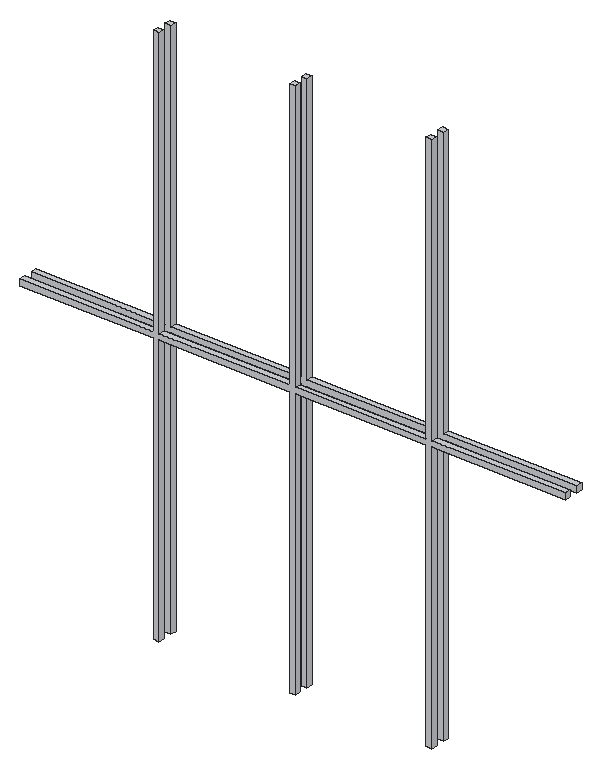
Revit family "M_Padrão do montante_4x2", category Modelos genéricos, Revit 2019
Family settings
  Pode hospedar o vergalhão = Não
  Cota do conector redondo = Utilizar diâmetro
  Tipo de parte = Normal
  Com base no plano de trabalho = Não
  Sempre na vertical = Sim
  Corte com vazios quando carregada = Não
  Compartilhado = Sim
  Ponto de cálculo do ambiente = Não
Parameters
  Largura [instance] = 1200 mm
  Espessura = 12.7 mm
  Altura [instance] = 1200 mm
  Material interior [instance] = none
  Material externo [instance] = none
  Distância = 19.05 mm
Reference planes
  plane 1 "Centro (Frente/Trás)": y = 0
  plane 2: z = 0
  plane 3 "Centro (Esquerda/Direita)": x = 0
  plane 4: z = 1200
  plane 5: x = -600
  plane 6: x = 600
  plane 7 "a": y = 9.525
  plane 8 "b": y = -9.525
  plane 9: x = -6.35
  plane 10: x = 6.35
  plane 11: x = -300
  plane 12: x = 300
  plane 13: x = -306.35
  plane 14: x = -293.65
  plane 15: x = 293.65
  plane 16: x = 306.35
  plane 17: y = 22.225
  plane 18: y = -22.225
  plane 19: z = 600
  plane 20: z = 606.35
  plane 21: z = 593.65
Forms (mm)
  Extrusion 1, solid, material <- "Material externo", detail levels fine
    sketch origin (0, 9.525, 0) x (-1, 0, 0) y (0, 0, 1)
      loop
        line (306.35, 1200) -> (293.65, 1200) -> (293.65, 606.35) -> (6.35, 606.35) -> (6.35, 1200) -> (-6.35, 1200) -> (-6.35, 606.35) -> (-293.65, 606.35) -> (-293.65, 1200) -> (-306.35, 1200) -> (-306.35, 606.35) -> (-600, 606.35) -> (-600, 593.65) -> (-306.35, 593.65) -> (-306.35, 0) -> (-293.65, 0) -> (-293.65, 593.65) -> (-6.35, 593.65) -> (-6.35, 0) -> (6.35, 0) -> (6.35, 593.65) -> (293.65, 593.65) -> (293.65, 0) -> (306.35, 0) -> (306.35, 593.65) -> (600, 593.65) -> (600, 606.35) -> (306.35, 606.35) -> (306.35, 1200)
    from 0 to 12.7
  Extrusion 2, solid, material <- "Material interior", detail levels fine
    sketch origin (0, -9.525, 0) x (-1, 0, 0) y (0, 0, 1)
      loop
        line (306.35, 1200) -> (293.65, 1200) -> (293.65, 606.35) -> (6.35, 606.35) -> (6.35, 1200) -> (-6.35, 1200) -> (-6.35, 606.35) -> (-293.65, 606.35) -> (-293.65, 1200) -> (-306.35, 1200) -> (-306.35, 606.35) -> (-600, 606.35) -> (-600, 593.65) -> (-306.35, 593.65) -> (-306.35, 0) -> (-293.65, 0) -> (-293.65, 593.65) -> (-6.35, 593.65) -> (-6.35, 0) -> (6.35, 0) -> (6.35, 593.65) -> (293.65, 593.65) -> (293.65, 0) -> (306.35, 0) -> (306.35, 593.65) -> (600, 593.65) -> (600, 606.35) -> (306.35, 606.35) -> (306.35, 1200)
    from 0 to -12.7
Lines and regions (mm)
  model lines, detail levels medium
    curve 1: line (0, 9.525, 1200) -> (0, 9.525, 0)
    curve 2: line (-300, 9.525, 1200) -> (-300, 9.525, 0)
    curve 3: line (300, 9.525, 1200) -> (300, 9.525, 0)
    curve 4: line (0, -9.525, 1200) -> (0, -9.525, 0)
    curve 5: line (-300, -9.525, 1200) -> (-300, -9.525, 0)
    curve 6: line (300, -9.525, 1200) -> (300, -9.525, 0)
    curve 7: line (-600, 9.525, 600) -> (600, 9.525, 600)
    curve 8: line (-600, -9.525, 600) -> (600, -9.525, 600)
Dimensions and locks
  equal spacing: plane 6, plane 3 "Centro (Esquerda/Direita)", plane 5
  "Largura": plane 6 to plane 5
  "Altura": plane 4 to plane 2
  equal spacing: plane 7 "a", plane 1 "Centro (Frente/Trás)", plane 8 "b"
  "Distância": plane 7 "a" to plane 8 "b"
  equal spacing: plane 3 "Centro (Esquerda/Direita)", plane 11, plane 5
  equal spacing: plane 6, plane 12, plane 3 "Centro (Esquerda/Direita)"
  locked: plane 9 to plane 3 "Centro (Esquerda/Direita)" at 6.35
  locked: plane 10 to plane 3 "Centro (Esquerda/Direita)" at 6.35
  locked: plane 11 to plane 13 at 6.35
  locked: plane 14 to plane 11 at 6.35
  locked: plane 12 to plane 15 at 6.35
  locked: plane 16 to plane 12 at 6.35
  "Espessura": plane 17 to plane 7 "a"
  "Espessura": plane 8 "b" to plane 18
  locked: plane 20 to plane 19 at 6.35
  locked: plane 19 to plane 21 at 6.35
  equal spacing: plane 4, plane 19, plane 2
  aligned and locked: plane 2 to level
  aligned and locked: plane 4 to curve 1
  aligned and locked: plane 2 to curve 1
  aligned and locked: plane 13 to Extrusion 1 sketch curve
  aligned and locked: plane 4 to Extrusion 1 sketch curve  (x3)
  aligned and locked: plane 14 to Extrusion 1 sketch curve
  aligned and locked: plane 2 to Extrusion 1 sketch curve  (x3)
  aligned and locked: plane 9 to Extrusion 1 sketch curve
  aligned and locked: plane 10 to Extrusion 1 sketch curve
  aligned and locked: plane 15 to Extrusion 1 sketch curve
  aligned and locked: plane 16 to Extrusion 1 sketch curve
  aligned and locked: plane 11 to curve 2
  aligned and locked: plane 12 to curve 3
  aligned and locked: plane 2 to curve 2
  aligned and locked: plane 2 to curve 3
  aligned and locked: plane 4 to curve 3
  aligned and locked: plane 4 to curve 2
  aligned and locked: Extrusion 1 to plane 17
  aligned and locked: Extrusion 2 to plane 18
  aligned and locked: plane 20 to Extrusion 2 sketch curve
  aligned and locked: plane 21 to Extrusion 2 sketch curve
  aligned and locked: plane 5 to Extrusion 2 sketch curve
  aligned and locked: plane 6 to Extrusion 2 sketch curve
  aligned and locked: plane 5 to Extrusion 1 sketch curve
  aligned and locked: plane 20 to Extrusion 1 sketch curve
  aligned and locked: plane 21 to Extrusion 1 sketch curve
  aligned and locked: plane 6 to Extrusion 1 sketch curve
  aligned and locked: plane 19 to curve 7
  aligned and locked: plane 6 to curve 7
  aligned and locked: plane 5 to curve 7
  aligned and locked: plane 19 to curve 8
  aligned and locked: plane 6 to curve 8
  aligned and locked: plane 5 to curve 8
Automatic sketch dimensions
  curve 1 to plane 3 "Centro (Esquerda/Direita)" = 0 mm
  Extrusion 2 sketch curve to plane 4 = 0 mm  (x3)
  Extrusion 2 sketch curve to plane 16 = 0 mm  (x2)
  Extrusion 2 sketch curve to plane 15 = 0 mm  (x2)
  Extrusion 2 sketch curve to level = 0 mm  (x3)
  plane 10 to Extrusion 2 sketch curve = 0 mm  (x2)
  plane 9 to Extrusion 2 sketch curve = 0 mm  (x2)
  Extrusion 2 sketch curve to plane 14 = 0 mm  (x2)
  Extrusion 2 sketch curve to plane 13 = 0 mm  (x2)
  curve 6 to level = 0 mm
  curve 6 to plane 12 = 0 mm
  curve 4 to level = 0 mm
  curve 4 to plane 3 "Centro (Esquerda/Direita)" = 0 mm
  curve 5 to level = 0 mm
  curve 5 to plane 11 = 0 mm
  curve 6 to plane 4 = 0 mm
  curve 5 to plane 4 = 0 mm
  curve 4 to plane 4 = 0 mm
  Extrusion 2 sketch curve to plane 20 = 0 mm  (x3)
  Extrusion 2 sketch curve to plane 21 = 0 mm  (x3)
  Extrusion 1 sketch curve to plane 16 = 0 mm
  Extrusion 1 sketch curve to plane 21 = 0 mm  (x3)
  Extrusion 1 sketch curve to plane 20 = 0 mm  (x3)
  Extrusion 1 sketch curve to plane 15 = 0 mm
  plane 10 to Extrusion 1 sketch curve = 0 mm
  plane 9 to Extrusion 1 sketch curve = 0 mm
  Extrusion 1 sketch curve to plane 14 = 0 mm
  Extrusion 1 sketch curve to plane 13 = 0 mm
